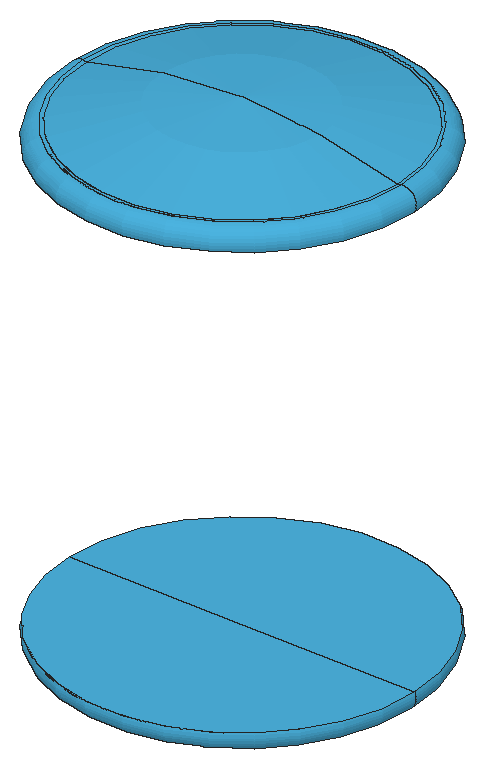
Revit family "Flipz Stool", category Generic Models, Revit 2018
Family settings
  Can host rebar = No
  Round Connector Dimension = Use Diameter
  Part Type = Normal
  Work Plane-Based = No
  Always vertical = Yes
  Cut with Voids When Loaded = No
  Shared = No
  Room Calculation Point = No
Parameters
  Seat Color = Flipz Color Seating
Reference planes (in)
  plane 1 "Center (Front/Back)": y = 0
  plane 2: z = 0
  plane 3 "Center (Left/Right)": x = 0
Forms (in)
  Revolve 1, solid, material "Flipz Color Seating" <- "Seat Color"
    sketch origin (0, 0, 0) x (1, 0, 0) y (0, 0, 1)
      loop
        arc (5.96913, 15.54798) -> (5.91072, 16.00853) -> (5.49792, 16.22093) r 0.49816
        line (5.49792, 16.22093) -> (5.38175, 16.22093)
        arc (5.38175, 16.22093) -> (2.71894, 16.80439) -> (0, 17.00022) r 18.97261
        line (0, 17.00022) -> (0, 15.54798) -> (5.96913, 15.54798)
      axis (0, 17.00022) -> (0, 15.54798)
    angle from 0 to 360
  Revolve 2, solid, material "Flipz Color Seating" <- "Seat Color"
    sketch origin (0, 0, 0) x (1, 0, 0) y (0, 0, 1)
      loop
        line (0, 0.67297) -> (0, 0) -> (5.49789, 0)
        arc (5.49789, 0) -> (5.91012, 0.21282) -> (5.96912, 0.67297) r 0.4991
        line (5.96912, 0.67297) -> (0, 0.67297)
      axis (0, 0.67297) -> (0, 0)
    angle from 0 to 360
Dimensions and locks (in)
  aligned and locked: plane 2 to level
